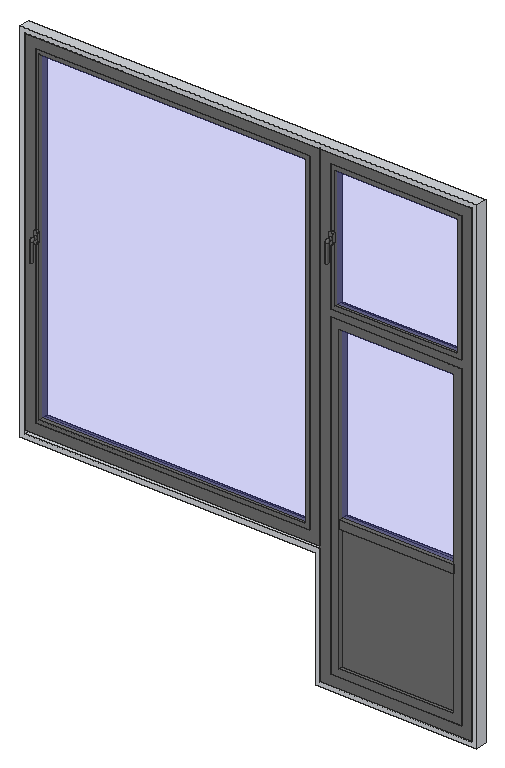
Revit family "AVLN_Балконный блок_Левый_Одностворчатый", category Окна, Revit 2021 (continued)
Definition of nested family "AVLN_Откосы_R19"
  Nested families
    nested 7: "Откос_R19" at (0, 100, 377.189), ADSK_Размер_Глубина <- "Глубина", built-in parameter 1001364 <- "Высота от уровня", ADSK_Группирование <- "ADSK_Группирование", ADSK_Номер секции <- "ADSK_Номер секции", ADSK_Этаж <- "ADSK_Этаж", visible <- "Видимость_7", Видимость <- "Видимость_7", Материал <- "Материал_7", ADSK_Размер_Высота <- "Высота_7", ADSK_Размер_Толщина <- "Толщина_7", ADSK_Размер_Ширина <- "Ширина_7", Отступ_Л <- "Отступ_Л", Отступ_П <- "Отступ_П", type "Откос_R19"
      with Площадь 0.7328 m², Отступ_П 0 mm, Отступ_Л 0 mm, Материал none, Видимость yes, ADSK_Этаж "", ADSK_Размер_Ширина 832 mm, ADSK_Размер_Толщина 28 mm, ADSK_Размер_Глубина 200 mm, ADSK_Размер_Высота 1416 mm, ADSK_Номер секции "", ADSK_Группирование ""
    nested 8: "Откос_R19" at (0, 100, 377.189), ADSK_Размер_Глубина <- "Глубина", built-in parameter 1001364 <- "Высота от уровня", ADSK_Группирование <- "ADSK_Группирование", ADSK_Номер секции <- "ADSK_Номер секции", ADSK_Этаж <- "ADSK_Этаж", visible <- "Видимость_8", Видимость <- "Видимость_8", Материал <- "Материал_8", ADSK_Размер_Высота <- "Высота_8", ADSK_Размер_Толщина <- "Толщина_8", ADSK_Размер_Ширина <- "Ширина_8", Отступ_Л <- "Отступ_Л", Отступ_П <- "Отступ_П", type "Откос_R19"
      with Площадь 0.7104 m², Отступ_П 0 mm, Отступ_Л 0 mm, Материал none, Видимость yes, ADSK_Этаж "", ADSK_Размер_Ширина 776 mm, ADSK_Размер_Толщина 32 mm, ADSK_Размер_Глубина 200 mm, ADSK_Размер_Высота 1388 mm, ADSK_Номер секции "", ADSK_Группирование ""
  Definition of nested family "Откос_R19"
    Parameters (values of type "Откос_R19")
      Площадь [instance] = (ADSK_Размер_Ширина + 2 * ADSK_Размер_Высота) * ADSK_Размер_Глубина  # 2.93564 m²
      Отступ_П [instance] = 0 mm
      Отступ_Л [instance] = 0 mm
      Материал [instance] = none
      Model = "Внутренний слой откоса"  # constant formula
      Видимость [instance] = yes
      ADSK_Этаж [instance] = ""
      ADSK_Размер_Ширина [instance] = 1880 mm
      ADSK_Размер_Толщина [instance] = 164.158 mm
      ADSK_Размер_Глубина [instance] = 560 mm
      ADSK_Размер_Высота [instance] = 1681.106 mm
      ADSK_Примечание = ""
      ADSK_Обозначение = ""
      ADSK_Номер секции [instance] = ""
      ADSK_Наименование = ""
      ADSK_Марка = ""
      ADSK_Группирование [instance] = ""
    Reference planes
      plane 1 "По центру (Вперед/Назад)": y = 0
      plane 2: z = 0
      plane 3 "По центру (Влево/Вправо)": x = 0
      plane 4: x = -940
      plane 5: x = 940
      plane 6: y = 280
      plane 7: y = -280
      plane 8: x = -775.842
      plane 9: z = 1681.106
      plane 10: z = 0
      plane 11: z = 0
    Forms (mm)
      Sweep 1, solid, material <- "Материал", visible <- "Видимость"
        path origin (0, 0, 0) x (1, 0, 0) y (0, 0, 1)
          loop
            line (940, 0) -> (940, 1681.106) -> (-940, 1681.106) -> (-940, 0)
        profile origin (-940, 0, 840.553) x (0, -1, 0) y (1, 0, 0)
          loop
            line (-280, 0) -> (280, 0) -> (280, 164.158) -> (-280, 164.158) -> (-280, 0)
    Dimensions and locks
      equal spacing: plane 6, plane 1 "По центру (Вперед/Назад)", plane 7
      equal spacing: plane 4, plane 3 "По центру (Влево/Вправо)", plane 5
      "ADSK_Размер_Толщина": plane 4 to plane 8
      "ADSK_Размер_Глубина": plane 6 to plane 7
      "ADSK_Размер_Высота": plane 9 to level
      "ADSK_Размер_Ширина": plane 5 to plane 4
      "Отступ_Л": plane 10 to level
      "Отступ_П": plane 11 to level
      aligned and locked: level to plane 2
      aligned and locked: Sweep 1 sketch curve to plane 4
      aligned and locked: Sweep 1 sketch curve to plane 9
      aligned and locked: Sweep 1 sketch curve to plane 5
      aligned and locked: plane 6 to Sweep 1 sketch curve
      aligned and locked: profile plane to Sweep 1 sketch curve
      aligned and locked: Sweep 1 sketch curve to plane 7
      aligned and locked: plane 8 to Sweep 1 sketch curve
      aligned and locked: plane 10 to Sweep 1 sketch curve
      aligned and locked: plane 11 to Sweep 1 sketch curve
Definition of nested family "АС-Обозначение на плане двупольная"
  Parameters (values of type "АС-Стандарт")
    Открывание двери 90 = not(Открывание двери 30)  # no
    Открывание двери 30 = yes
    Монтажный зазор.Ширина сбоку [instance] = 20 mm
    Линия открывания (дуга) = not(Открывание двери 30)  # no
    Коробка.Ширина [instance] = 40 mm
    Коробка.Толщина [instance] = 80 mm
    Width [instance] = Rough Width + Коробка.Ширина + Монтажный зазор.Ширина сбоку  # 960 mm
    Thickness [instance] = 40 mm
    Rough Width [instance] = 900 mm
    Height [instance] = 2100 mm
    Default Elevation = 0 mm
    Analytic Construction = "<Нет>"
  Reference planes
    plane 1 "Center (Front/Back)": y = 0
    plane 2: z = 0
    plane 3 "Center (Left/Right)": x = 0
    plane 4 "Полотно справа": x = -20
    plane 5 "Полотно. Внутренняя сторона": y = -40
    plane 6 "Коробка. Внутренняя сторона": y = -80
    plane 7 "Коробка.Внутренняя сторона слева": x = -960
    plane 8 "Коробка. Внутренняя сторона справа": x = -60
  Lines and regions (mm)
    Masking region 1, detail levels fine
      outline origin (0, 0, 0) x (1, 0, 0) y (0, 1, 0)
        loop
          line (0, -80) -> (0, 0) -> (-20, 0) -> (-20, -80) -> (0, -80)
    Masking region 2, detail levels fine
      outline origin (0, 0, 0) x (1, 0, 0) y (0, 1, 0)
        loop
          line (-20, 0) -> (-60, 0) -> (-60, -40) -> (-70, -40) -> (-70, -80) -> (-20, -80) -> (-20, 0)
    Masking region 3, visible <- "Открывание двери 90", detail levels fine
      outline origin (0, 0, 0) x (1, 0, 0) y (0, 1, 0)
        loop
          line (-60, 0) -> (-60, 900) -> (-100, 900) -> (-100, 0) -> (-60, 0)
    Masking region 4, visible <- "Открывание двери 30", detail levels fine
      outline origin (0, 0, 0) x (1, 0, 0) y (0, 1, 0)
        loop
          line (-60, 0) -> (-839.423, 450) -> (-859.423, 415.359) -> (-80, -34.641) -> (-60, 0)
    symbolic lines, visible <- "Открывание двери 30", detail levels coarse+medium
      curve 1: line (0, 0, 0) -> (-831.384, 480, 0)
    symbolic lines, visible <- "Открывание двери 90", detail levels coarse+medium
      curve 2: line (0, 0, 0) -> (0, 960, 0)
    symbolic lines, visible <- "Линия открывания (дуга)", detail levels coarse+medium
      curve 3: arc (0, 960, 0) -> (-678.823, 678.823, 0) -> (-960, 0, 0) r 960
    symbolic lines, visible <- "Линия открывания (дуга)", detail levels fine
      curve 4: arc (-960, 0, 0) -> (-696.396, 636.396, 0) -> (-60, 900, 0) r 900
    model lines
      curve 5: line (0, 0, 0) -> (0, 0, 2100)
  Dimensions and locks
    "Thickness": plane 1 "Center (Front/Back)" to plane 5 "Полотно. Внутренняя сторона"
    plane 1 "Center (Front/Back)" to plane 6 "Коробка. Внутренняя сторона" = 80 mm
    "Коробка.Толщина": plane 6 "Коробка. Внутренняя сторона" to plane 1 "Center (Front/Back)"
    "Rough Width": plane 7 "Коробка.Внутренняя сторона слева" to plane 8 "Коробка. Внутренняя сторона справа"
    "Width": curve 1 to curve 1
    "Width": plane 1 "Center (Front/Back)" to curve 2
    locked: Masking region 2 sketch curve to Masking region 2 sketch curve at 10
    "Rough Width": plane 1 "Center (Front/Back)" to Masking region 3 sketch curve
    "Thickness": Masking region 3 sketch curve to plane 8 "Коробка. Внутренняя сторона справа"
    "Rough Width": Masking region 4 sketch curve to Masking region 4 sketch curve
    "Thickness": Masking region 4 sketch curve to Masking region 4 sketch curve
    "Height": curve 5 to level
    "Монтажный зазор.Ширина сбоку": plane 4 "Полотно справа" to plane 3 "Center (Left/Right)"
    "Коробка.Ширина": plane 8 "Коробка. Внутренняя сторона справа" to plane 4 "Полотно справа"
    "Width": radius of curve 3
    "Rough Width": radius of curve 4
    locked: curve 1 to plane 1 "Center (Front/Back)" (angle 30.00°)
    locked: Masking region 4 sketch curve to plane 1 "Center (Front/Back)" (angle 30.00°)
    aligned and locked: level to plane 2
    aligned and locked: plane 1 "Center (Front/Back)" to curve 2
    aligned and locked: plane 6 "Коробка. Внутренняя сторона" to Masking region 1 sketch curve
    aligned and locked: plane 1 "Center (Front/Back)" to Masking region 1 sketch curve
    aligned and locked: plane 4 "Полотно справа" to Masking region 1 sketch curve
    aligned and locked: Masking region 2 sketch curve to plane 4 "Полотно справа"
    aligned and locked: Masking region 2 sketch curve to plane 8 "Коробка. Внутренняя сторона справа"
    aligned and locked: Masking region 2 sketch curve to plane 6 "Коробка. Внутренняя сторона"
    aligned and locked: Masking region 2 sketch curve to plane 5 "Полотно. Внутренняя сторона"
    aligned and locked: Masking region 2 sketch curve to plane 1 "Center (Front/Back)"
    aligned and locked: plane 8 "Коробка. Внутренняя сторона справа" to curve 4
    aligned and locked: Masking region 2 to Masking region 3 sketch curve
    aligned and locked: Masking region 3 sketch curve to Masking region 2
    aligned and locked: plane 8 "Коробка. Внутренняя сторона справа" to Masking region 4 sketch curve
    aligned and locked: plane 2 to curve 5
    aligned and locked: plane 3 "Center (Left/Right)" to curve 5
    aligned and locked: Masking region 1 sketch curve to plane 3 "Center (Left/Right)"
    aligned and locked: plane 3 "Center (Left/Right)" to curve 2
  Automatic sketch dimensions
    plane 1 "Center (Front/Back)" to Masking region 4 sketch curve = 0 mm
